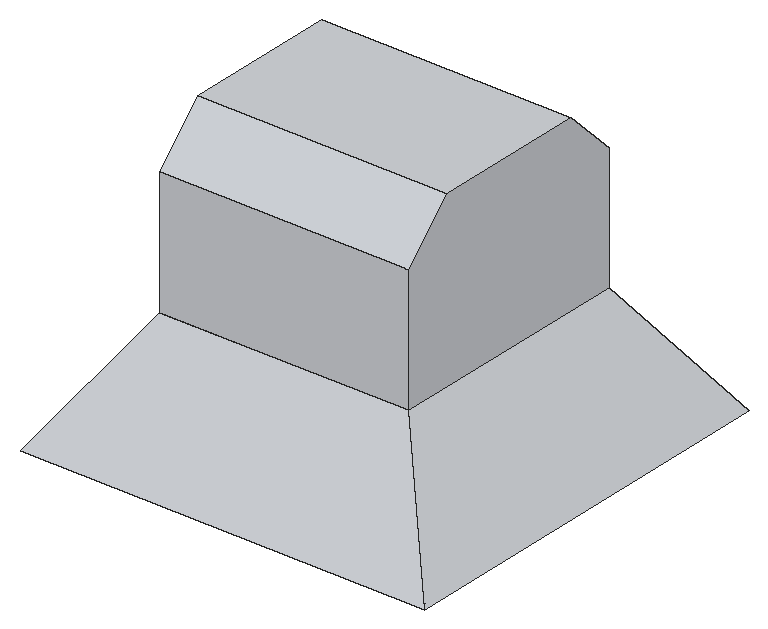
Revit family "SRSH-B", category Mechanical Equipment, Revit 2019
Family settings
  Round Connector Dimension = Use Diameter
  Part Type = Normal
  Work Plane-Based = No
  Always vertical = Yes
  Cut with Voids When Loaded = No
  Shared = No
  Room Calculation Point = No
Parameters (values of type "245_SRSH-B")
  Unit Weight [instance] = ""
  T_SQ/2+.125" = T_SQ / 2 + 0' 0 1/8"  # 1' - 3 1/4"
  T_SQ/2 = T_SQ / 2  # 1' - 3 1/8"
  T_SQ = 2' - 6 1/4"
  Sones [instance] = ""
  RO/2 = RO / 2  # 1' - 0 3/4"
  RO = T_SQ - 0' 4 3/4"  # 2' - 1 1/2"
  Motor RPM [instance] = ""
  Motor Enclosure [instance] = ""
  ModelID [instance] = ""
  LwA [instance] = ""
  G/2 = G / 2  # 0' - 10 1/32"
  G = 1' - 8 1/16"
  Fan RPM [instance] = ""
  F = 0' - 6 3/32"
  E = 1' - 4 1/4"
  D = 0' - 3"
  C/2 = C / 2  # 2' - 2 1/8"
  C = 4' - 4 1/4"
  B/2 = B / 2  # 0' - 0 3/4"
  B = 0' - 1 1/2"
  Accessories [instance] = ""
  A/2 = A / 2  # 1' - 8 1/4"
  A-B-E-F = A - B - E - F  # 1' - 4 21/32"
  A = 3' - 4 1/2"
  45 = 55.00°  # constant formula
  3" = 0' - 3"  # constant formula
  Brake Hp [instance] = ""
  4" = 0' - 4"  # constant formula
  2' = 2' - 0"
  2" = 0' - 2"  # constant formula
  1" = 0' - 1"  # constant formula
  0 = 0' - 0"  # constant formula
  Voltage [instance] = 0 V
  URL = "www.lorencook.com"
  Type Comments = "Tamper Proof Downblast Centrifugal Exhaust Ventilator Roof Mounted/Belt Drive"  # constant formula
  Static Pressure [instance] = 0.00 in-wg
  Power [instance] = Voltage * Motor FLA * sqrt(if(Phase = 3, 3, 1))  # 0 VA
  Phase [instance] = 0
  Number of Poles [instance] = 1
  Motor Hp [instance] = "0"
  Motor FLA [instance] = 0 A
  Model = "SRSH-B"  # constant formula
  Manufacturer = "Loren Cook Company"
  CFM [instance] = 0 CFM
  1.5 = 0' - 1 1/2"  # constant formula
  ONE EIGTH = 0' - 0 1/8"  # constant formula
  -C/2 = -C / 2  # -2' - 2 1/8"
  -(G+F+F)/2 = -(G + F + F) / 2  # -1' - 4 1/8"
  (G+F+F)/2 = (G + F + F) / 2  # 1' - 4 1/8"
Types (15): name | T_SQ/2+.125" | T_SQ/2 | T_SQ | RO/2 | RO | G/2 | G | F | E | D | C/2 | C | B/2 | B | A/2 | A-B-E-F | A | -C/2 | -(G+F+F)/2 | (G+F+F)/2
  (no name) | 1' - 3 1/4" | 1' - 3 1/8" | 2' - 6 1/4" | 1' - 0 3/4" | 2' - 1 1/2" | 0' - 10 1/32" | 1' - 8 1/16" | 0' - 6 3/32" | 1' - 4 1/4" | 0' - 3" | 2' - 2 1/8" | 4' - 4 1/4" | 0' - 0 3/4" | 0' - 1 1/2" | 1' - 8 1/4" | 1' - 4 21/32" | 3' - 4 1/2" | -2' - 2 1/8" | -1' - 4 1/8" | 1' - 4 1/8"
  60_SRSH-B | 0' - 9 1/4" | 0' - 9 1/8" | 1' - 6 1/4" | 0' - 6 3/4" | 1' - 1 1/2" | 0' - 6 17/32" | 1' - 1 1/16" | 0' - 3 9/16" | 0' - 11 25/32" | 0' - 2" | 1' - 2 5/8" | 2' - 5 1/4" | 0' - 0 1/2" | 0' - 1" | 0' - 11 23/32" | 0' - 7 3/32" | 1' - 11 7/16" | -1' - 2 5/8" | -0' - 10 3/32" | 0' - 10 3/32"
  70_SRSH-B | 0' - 9 1/4" | 0' - 9 1/8" | 1' - 6 1/4" | 0' - 6 3/4" | 1' - 1 1/2" | 0' - 6 17/32" | 1' - 1 1/16" | 0' - 3 9/16" | 0' - 11 25/32" | 0' - 2" | 1' - 2 5/8" | 2' - 5 1/4" | 0' - 0 1/2" | 0' - 1" | 0' - 11 23/32" | 0' - 7 3/32" | 1' - 11 7/16" | -1' - 2 5/8" | -0' - 10 3/32" | 0' - 10 3/32"
  80_SRSH-B | 0' - 9 1/4" | 0' - 9 1/8" | 1' - 6 1/4" | 0' - 6 3/4" | 1' - 1 1/2" | 0' - 6 17/32" | 1' - 1 1/16" | 0' - 3 9/16" | 0' - 11 25/32" | 0' - 2" | 1' - 2 5/8" | 2' - 5 1/4" | 0' - 0 1/2" | 0' - 1" | 0' - 11 23/32" | 0' - 7 3/32" | 1' - 11 7/16" | -1' - 2 5/8" | -0' - 10 3/32" | 0' - 10 3/32"
  100_SRSH-B | 0' - 9 1/4" | 0' - 9 1/8" | 1' - 6 1/4" | 0' - 6 3/4" | 1' - 1 1/2" | 0' - 6 17/32" | 1' - 1 1/16" | 0' - 3 9/16" | 0' - 11 25/32" | 0' - 2" | 1' - 2 5/8" | 2' - 5 1/4" | 0' - 0 1/2" | 0' - 1" | 0' - 11 23/32" | 0' - 7 3/32" | 1' - 11 7/16" | -1' - 2 5/8" | -0' - 10 3/32" | 0' - 10 3/32"
  120_SRSH-B | 0' - 10 1/4" | 0' - 10 1/8" | 1' - 8 1/4" | 0' - 7 3/4" | 1' - 3 1/2" | 0' - 6 17/32" | 1' - 1 1/16" | 0' - 4 19/32" | 0' - 10 25/32" | 0' - 2" | 1' - 4 11/32" | 2' - 8 11/16" | 0' - 0 1/2" | 0' - 1" | 1' - 0 11/32" | 0' - 8 5/16" | 2' - 0 11/16" | -1' - 4 11/32" | -0' - 11 1/8" | 0' - 11 1/8"
  135_SRSH-B | 0' - 10 1/4" | 0' - 10 1/8" | 1' - 8 1/4" | 0' - 7 3/4" | 1' - 3 1/2" | 0' - 6 17/32" | 1' - 1 1/16" | 0' - 4 19/32" | 0' - 10 25/32" | 0' - 2" | 1' - 4 7/8" | 2' - 9 3/4" | 0' - 0 1/2" | 0' - 1" | 1' - 0 13/16" | 0' - 9 1/4" | 2' - 1 5/8" | -1' - 4 7/8" | -0' - 11 1/8" | 0' - 11 1/8"
  150_SRSH-B | 1' - 0 1/4" | 1' - 0 1/8" | 2' - 0 1/4" | 0' - 9 3/4" | 1' - 7 1/2" | 0' - 8 1/32" | 1' - 4 1/16" | 0' - 5 3/32" | 1' - 1 7/32" | 0' - 2" | 1' - 7 13/32" | 3' - 2 13/16" | 0' - 0 1/2" | 0' - 1" | 1' - 2 25/32" | 0' - 10 1/4" | 2' - 5 9/16" | -1' - 7 13/32" | -1' - 1 1/8" | 1' - 1 1/8"
  165_SRSH-B | 1' - 0 1/4" | 1' - 0 1/8" | 2' - 0 1/4" | 0' - 9 3/4" | 1' - 7 1/2" | 0' - 8 1/32" | 1' - 4 1/16" | 0' - 5 3/32" | 1' - 1 7/32" | 0' - 2" | 1' - 7 31/32" | 3' - 3 15/16" | 0' - 0 1/2" | 0' - 1" | 1' - 3 1/4" | 0' - 11 3/16" | 2' - 6 1/2" | -1' - 7 31/32" | -1' - 1 1/8" | 1' - 1 1/8"
  180_SRSH-B | 1' - 3 1/4" | 1' - 3 1/8" | 2' - 6 1/4" | 1' - 0 3/4" | 2' - 1 1/2" | 0' - 10 1/32" | 1' - 8 1/16" | 0' - 6 3/32" | 1' - 4 1/4" | 0' - 3" | 1' - 11 25/32" | 3' - 11 9/16" | 0' - 0 3/4" | 0' - 1 1/2" | 1' - 6 7/32" | 1' - 0 19/32" | 3' - 0 7/16" | -1' - 11 25/32" | -1' - 4 1/8" | 1' - 4 1/8"
  195_SRSH-B | 1' - 3 1/4" | 1' - 3 1/8" | 2' - 6 1/4" | 1' - 0 3/4" | 2' - 1 1/2" | 0' - 10 1/32" | 1' - 8 1/16" | 0' - 6 3/32" | 1' - 4 1/4" | 0' - 3" | 2' - 0 11/32" | 4' - 0 11/16" | 0' - 0 3/4" | 0' - 1 1/2" | 1' - 6 11/16" | 1' - 1 17/32" | 3' - 1 3/8" | -2' - 0 11/32" | -1' - 4 1/8" | 1' - 4 1/8"
  210_SRSH-B | 1' - 3 1/4" | 1' - 3 1/8" | 2' - 6 1/4" | 1' - 0 3/4" | 2' - 1 1/2" | 0' - 10 1/32" | 1' - 8 1/16" | 0' - 6 3/32" | 1' - 4 1/4" | 0' - 3" | 2' - 0 7/8" | 4' - 1 3/4" | 0' - 0 3/4" | 0' - 1 1/2" | 1' - 7 5/32" | 1' - 2 15/32" | 3' - 2 5/16" | -2' - 0 7/8" | -1' - 4 1/8" | 1' - 4 1/8"
  225_SRSH-B | 1' - 3 1/4" | 1' - 3 1/8" | 2' - 6 1/4" | 1' - 0 3/4" | 2' - 1 1/2" | 0' - 10 1/32" | 1' - 8 1/16" | 0' - 6 3/32" | 1' - 4 1/4" | 0' - 3" | 2' - 1 13/32" | 4' - 2 13/16" | 0' - 0 3/4" | 0' - 1 1/2" | 1' - 7 5/8" | 1' - 3 13/32" | 3' - 3 1/4" | -2' - 1 13/32" | -1' - 4 1/8" | 1' - 4 1/8"
  245_SRSH-B | 1' - 3 1/4" | 1' - 3 1/8" | 2' - 6 1/4" | 1' - 0 3/4" | 2' - 1 1/2" | 0' - 10 1/32" | 1' - 8 1/16" | 0' - 6 3/32" | 1' - 4 1/4" | 0' - 3" | 2' - 2 1/8" | 4' - 4 1/4" | 0' - 0 3/4" | 0' - 1 1/2" | 1' - 8 1/4" | 1' - 4 21/32" | 3' - 4 1/2" | -2' - 2 1/8" | -1' - 4 1/8" | 1' - 4 1/8"
  270_SRSH-B | 1' - 0 5/32" | 1' - 0 1/32" | 2' - 0 1/16" | 0' - 9 21/32" | 1' - 7 5/16" | 1' - 0 1/32" | 2' - 0 1/16" | 0' - 7 3/32" | 1' - 7 1/4" | 0' - 3" | 2' - 6" | 5' - 0" | 0' - 0 3/4" | 0' - 1 1/2" | 1' - 11" | 1' - 6 5/32" | 3' - 10" | -2' - 6" | -1' - 7 1/8" | 1' - 7 1/8"
Reference planes (in)
  plane 1 "Center (Front/Back)": y = 0
  plane 2: z = 0
  plane 3 "Center (Left/Right)": x = 0.40541
Forms (in)
  Extrusion 1, solid
    sketch origin (0, 0, 0) x (1, 0, 0) y (0, 1, 0)
      loop
        line (-14.84459, 15.25) -> (-14.84459, -15.25) -> (15.65541, -15.25) -> (15.65541, 15.25) -> (-14.84459, 15.25)
    from 0 to 3 <- "D"
  Extrusion 2, solid
    sketch origin (0, 0, 0) x (1, 0, 0) y (0, 0, 1)
      loop
        line (-25.71959, 1.5) -> (26.53041, 1.5) -> (16.53041, 16.65625) -> (-15.71959, 16.65625) -> (-25.71959, 1.5)
    from -26.125 <- "-C/2" to 26.125 <- "C/2"
  Extrusion 3, void
    sketch origin (0.40541, 0, 0) x (0, 1, 0) y (0, 0, 1)
      loop
        line (26.125, 1.5) -> (26.125, 16.65625) -> (16.125, 16.65625) -> (26.125, 1.5)
      loop
        line (-26.125, 16.65625) -> (-26.125, 1.5) -> (-16.125, 16.65625) -> (-26.125, 16.65625)
    from 26.125 <- "C/2" to -26.125 <- "-C/2"
  Extrusion 4, solid
    sketch origin (0.40541, 0, 0) x (0, 1, 0) y (0, 0, 1)
      loop
        line (16.125, 16.65625) -> (16.125, 32.90625) -> (10.03125, 39) -> (-10.03125, 39) -> (-16.125, 32.90625) -> (-16.125, 16.65625) -> (16.125, 16.65625)
    from -16.125 <- "-(G+F+F)/2" to 16.125 <- "(G+F+F)/2"
  Extrusion 5, void
    sketch origin (0, 0, 0) x (1, 0, 0) y (0, 1, 0)
      loop
        line (-14.71959, 15.125) -> (-14.71959, -15.125) -> (15.53041, -15.125) -> (15.53041, 15.125) -> (-14.71959, 15.125)
    from 0 to 3 <- "D"
Cuts and joins
  Extrusion 3, Extrusion 5 cuts Extrusion 1
  Extrusion 3, Extrusion 5 cuts Extrusion 2
Dimensions and locks (in)
  "T_SQ/2+.125"": Extrusion 1 sketch curve to plane 3 "Center (Left/Right)"
  "T_SQ/2+.125"": plane 3 "Center (Left/Right)" to Extrusion 1 sketch curve
  "T_SQ/2+.125"": plane 1 "Center (Front/Back)" to Extrusion 1 sketch curve
  "T_SQ/2+.125"": Extrusion 1 sketch curve to plane 1 "Center (Front/Back)"
  "B": Extrusion 2 sketch curve to level
  "A-B-E-F": Extrusion 2 sketch curve to level
  "C/2": Extrusion 2 sketch curve to plane 3 "Center (Left/Right)"
  "C/2": plane 3 "Center (Left/Right)" to Extrusion 2 sketch curve
  "0": Extrusion 3 sketch curve to Extrusion 2  (x6)
  "(G+F+F)/2": Extrusion 2 sketch curve to plane 3 "Center (Left/Right)"
  "(G+F+F)/2": plane 3 "Center (Left/Right)" to Extrusion 2 sketch curve
  "(G+F+F)/2": Extrusion 3 sketch curve to plane 1 "Center (Front/Back)"
  "(G+F+F)/2": plane 1 "Center (Front/Back)" to Extrusion 3 sketch curve
  "(G+F+F)/2": Extrusion 4 sketch curve to plane 1 "Center (Front/Back)"
  "(G+F+F)/2": plane 1 "Center (Front/Back)" to Extrusion 4 sketch curve
  Extrusion 4 sketch curve to Extrusion 4 sketch curve = 0' - 6 3/32"
  "F": Extrusion 4 sketch curve to Extrusion 4 sketch curve
  "E": Extrusion 4 sketch curve to Extrusion 4 sketch curve  (x2)
  "0": Extrusion 4 sketch curve to cut or joined group of Extrusion 2, Extrusion 3, Extrusion 5
  "G/2": Extrusion 4 sketch curve to plane 1 "Center (Front/Back)"
  "G/2": plane 1 "Center (Front/Back)" to Extrusion 4 sketch curve
  "T_SQ/2": Extrusion 5 sketch curve to plane 3 "Center (Left/Right)"
  "T_SQ/2": plane 3 "Center (Left/Right)" to Extrusion 5 sketch curve
  "T_SQ/2": plane 1 "Center (Front/Back)" to Extrusion 5 sketch curve
  "T_SQ/2": Extrusion 5 sketch curve to plane 1 "Center (Front/Back)"
Connectors (in)
  hvac at (0.40541, 0, 3), driven by "RO", driven by "RO"
    settings: on cut or joined group of Extrusion 1, Extrusion 3, Extrusion 5, index 1, duct flow 0 CFM, flow factor 0, pres drop 0.00 in-wg, loss coef 0, conn angle 0.00°, conn width 25 1/2", conn height 25 1/2", conn diameter 24", duct sys type 3, conn prof type 1, flow config 0, flow direction 1, loss method 0, conn ref index -1, conn util no, is conn primary yes, conn desc ""
  electrical at (0.40541, 0, 3)
    settings: on cut or joined group of Extrusion 1, Extrusion 3, Extrusion 5, index 2, voltage 0 V, apparent load 0 VA, apparent load phase1 0 VA, apparent load phase2 0 VA, apparent load phase3 0 VA, power factor 1, load classification "Other", number of poles 1, system type 30, power factor state 1, is connector primary yes, connector utility no, sub classification motor no, connector description ""
